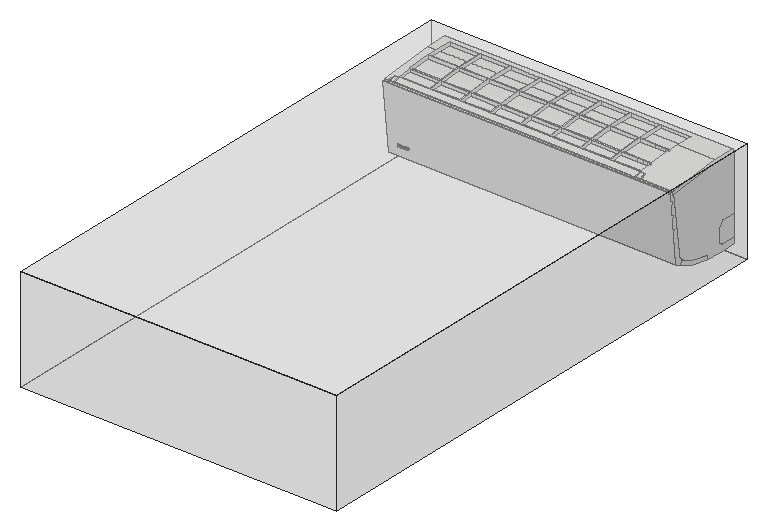
Revit family "outputfile", category 機械設備, Revit 2024
Family settings
  丸型コネクタ寸法 = 半径を使用
  パーツ タイプ = 標準
  OmniClass 番号 = 23.75.10.24.21.27.27
  OmniClass タイトル = Split System Air Conditioning Units
  作業面ベース = いいえ
  常に垂直 = はい
  ロード時にボイドで切り取り = いいえ
  注釈の向きを維持 = いいえ
  共有 = いいえ
  部屋計算ポイント = いいえ
Parameters (values of type "FTKF71CV1MF")
  Description = ""
  書き出し IFC クラス(タイプ) = "IfcUnitaryEquipmentType"
  定義済み IFC タイプ(タイプ) = "AIRCONDITIONINGUNIT"
  Cost = 0
  Type Comments = ""
  Keynote = ""
  Type Image = (empty or 0)
  Assembly Code = ""
  switch_frequency = yes
  lw_connection [instance] = if(Width = 730.0 mm, 85.0 mm, if(Width = 770.0 mm, 48.0 mm, 60.0 mm))  # 60.0 mm
  製造元 = "Daikin"
  モデル = "FTKF71CV1MF"
  r_Liquid Pipe Size = Liquid Pipe Size / 2  # 3.2 mm
  r_Gas Pipe Size = Gas Pipe Size / 2  # 6.35 mm
  r_Drain Pipe Size = Drain Pipe Size / 2  # 9.55 mm
  lw_powersupply [instance] = if(Width = 730.0 mm, if(or(Rear Right Connection_refrigerant, Bottom Right Connection_refrigerant), 65.0 mm, if(or(Rear Left Connection_refrigerant, Bottom Left Connection_refrigerant), 695.0 mm, 400.0 mm)), if(Width = 770.0 mm, if(or(Rear Right Connection_refrigerant, Bottom Right Connection_refrigerant), 68.0 mm, if(or(Rear Left Connection_refrigerant, Bottom Left Connection_refrigerant), 705.0 mm, 400.0 mm)), if(or(Rear Right Connection_refrigerant, Bottom Right Connection_refrigerant), 83.0 mm, if(or(Rear Left Connection_refrigerant, Bottom Left Connection_refrigerant), 928.0 mm, 400.0 mm))))  # 400.0 mm
  lw_liquidpipe [instance] = if(Width = 730.0 mm, if(or(Rear Right Connection_refrigerant, Bottom Right Connection_refrigerant), 0.0 mm, if(or(Rear Left Connection_refrigerant, Bottom Left Connection_refrigerant), 582.0 mm, 473.0 mm)), if(Width = 770.0 mm, if(or(Rear Right Connection_refrigerant, Bottom Right Connection_refrigerant), 0.0 mm, if(or(Rear Left Connection_refrigerant, Bottom Left Connection_refrigerant), 682.0 mm, 385.0 mm)), if(or(Rear Right Connection_refrigerant, Bottom Right Connection_refrigerant), 10.0 mm, if(or(Rear Left Connection_refrigerant, Bottom Left Connection_refrigerant), 858.0 mm, 435.0 mm))))  # 435.0 mm
  lw_gaspipe [instance] = if(Width = 730.0 mm, if(or(Rear Right Connection_refrigerant, Bottom Right Connection_refrigerant), 0.0 mm, if(or(Rear Left Connection_refrigerant, Bottom Left Connection_refrigerant), 576.0 mm, 428.0 mm)), if(Width = 770.0 mm, if(or(Rear Right Connection_refrigerant, Bottom Right Connection_refrigerant), 0.0 mm, if(or(Rear Left Connection_refrigerant, Bottom Left Connection_refrigerant), 675.0 mm, 335.0 mm)), if(or(Rear Right Connection_refrigerant, Bottom Right Connection_refrigerant), 0.0 mm, if(or(Rear Left Connection_refrigerant, Bottom Left Connection_refrigerant), 851.0 mm, 400.0 mm))))  # 400.0 mm
  lw_drainpipe [instance] = if(Width = 730.0 mm, if(or(Rear Right Connection_refrigerant, Bottom Right Connection_refrigerant), 0.0 mm, if(or(Rear Left Connection_refrigerant, Bottom Left Connection_refrigerant), 590.0 mm, 488.0 mm)), if(Width = 770.0 mm, if(or(Rear Right Connection_refrigerant, Bottom Right Connection_refrigerant), 0.0 mm, if(or(Rear Left Connection_refrigerant, Bottom Left Connection_refrigerant), 695.0 mm, 440.0 mm)), if(or(Rear Right Connection_refrigerant, Bottom Right Connection_refrigerant), 0.0 mm, if(or(Rear Left Connection_refrigerant, Bottom Left Connection_refrigerant), 888.0 mm, 475.0 mm))))  # 475.0 mm
  l_powersupply_length [instance] = if(Width = 730.0 mm, if(Right Connection_refrigerant, 400.0 mm, if(Left Connection_refrigerant, 330.0 mm, if(or(Bottom Left Connection_refrigerant, Bottom Right Connection_refrigerant), 57.0 mm, if(or(Rear Left Connection_refrigerant, Rear Right Connection_refrigerant), 15.0 mm, 50.0 mm)))), if(Width = 770.0 mm, if(Right Connection_refrigerant, 400.0 mm, if(Left Connection_refrigerant, 370.0 mm, if(or(Bottom Left Connection_refrigerant, Bottom Right Connection_refrigerant), 57.0 mm, if(or(Rear Left Connection_refrigerant, Rear Right Connection_refrigerant), 15.0 mm, 50.0 mm)))), if(Right Connection_refrigerant, 400.0 mm, if(Left Connection_refrigerant, 590.0 mm, if(or(Bottom Left Connection_refrigerant, Bottom Right Connection_refrigerant), 57.0 mm, if(or(Rear Left Connection_refrigerant, Rear Right Connection_refrigerant), 15.0 mm, 50.0 mm))))))  # 400.0 mm
  l_liquidpipe_length [instance] = if(Width = 730.0 mm, if(Right Connection_refrigerant, 558.0 mm, if(Left Connection_refrigerant, 172.0 mm, if(or(Bottom Left Connection_refrigerant, Bottom Right Connection_refrigerant), 48.0 mm, if(or(Rear Left Connection_refrigerant, Rear Right Connection_refrigerant), 30.0 mm, 40.0 mm)))), if(Width = 770.0 mm, if(Right Connection_refrigerant, 433.0 mm, if(Left Connection_refrigerant, 337.0 mm, if(or(Bottom Left Connection_refrigerant, Bottom Right Connection_refrigerant), 48.0 mm, if(or(Rear Left Connection_refrigerant, Rear Right Connection_refrigerant), 30.0 mm, 40.0 mm)))), if(Right Connection_refrigerant, 495.0 mm, if(Left Connection_refrigerant, 495.0 mm, if(or(Bottom Left Connection_refrigerant, Bottom Right Connection_refrigerant), 48.0 mm, if(or(Rear Left Connection_refrigerant, Rear Right Connection_refrigerant), 30.0 mm, 40.0 mm))))))  # 495.0 mm
  l_gaspipe_length [instance] = if(Width = 730.0 mm, if(Right Connection_refrigerant, 513.0 mm, if(Left Connection_refrigerant, 217.0 mm, if(or(Bottom Left Connection_refrigerant, Bottom Right Connection_refrigerant), 57.0 mm, if(or(Rear Left Connection_refrigerant, Rear Right Connection_refrigerant), 40.0 mm, 50.0 mm)))), if(Width = 770.0 mm, if(Right Connection_refrigerant, 383.0 mm, if(Left Connection_refrigerant, 387.0 mm, if(or(Bottom Left Connection_refrigerant, Bottom Right Connection_refrigerant), 57.0 mm, if(or(Rear Left Connection_refrigerant, Rear Right Connection_refrigerant), 40.0 mm, 50.0 mm)))), if(Right Connection_refrigerant, 460.0 mm, if(Left Connection_refrigerant, 530.0 mm, if(or(Bottom Left Connection_refrigerant, Bottom Right Connection_refrigerant), 57.0 mm, if(or(Rear Left Connection_refrigerant, Rear Right Connection_refrigerant), 40.0 mm, 50.0 mm))))))  # 460.0 mm
  l_drainpipe_length [instance] = if(Width = 730.0 mm, if(Right Connection_refrigerant, 573.0 mm, if(Left Connection_refrigerant, 157.0 mm, if(or(Bottom Left Connection_refrigerant, Bottom Right Connection_refrigerant), 35.0 mm, if(or(Rear Left Connection_refrigerant, Rear Right Connection_refrigerant), 15.0 mm, 20.0 mm)))), if(Width = 770.0 mm, if(Right Connection_refrigerant, 488.0 mm, if(Left Connection_refrigerant, 282.0 mm, if(or(Bottom Left Connection_refrigerant, Bottom Right Connection_refrigerant), 35.0 mm, if(or(Rear Left Connection_refrigerant, Rear Right Connection_refrigerant), 15.0 mm, 20.0 mm)))), if(Right Connection_refrigerant, 535.0 mm, if(Left Connection_refrigerant, 455.0 mm, if(or(Bottom Left Connection_refrigerant, Bottom Right Connection_refrigerant), 35.0 mm, if(or(Rear Left Connection_refrigerant, Rear Right Connection_refrigerant), 15.0 mm, 20.0 mm))))))  # 535.0 mm
  h*** = 0.0 mm  # constant formula
  connector_voltage = Voltage_50Hz  # 230 V
  connector_powerinput = [Power Input (Cooling)]  # 1.965 kW
  connector_phase = Phase_50Hz  # 1
  angle_vertical [instance] = if(or(Bottom Left Connection_refrigerant, Bottom Right Connection_refrigerant), 0.00°, 90.00°)  # 90.00°
  angle_horizontal [instance] = if(Right Connection_refrigerant, 90.00°, if(Left Connection_refrigerant, -90.00°, if(or(Rear Left Connection_refrigerant, Rear Right Connection_refrigerant), 180.00°, 0.00°)))  # 90.00°
  Width = 990.0 mm
  Voltage_comment_50Hz = "220 - 240"
  Voltage_50Hz = 230 V
  Version = "ver.1.0"
  Unit Type = "Wall Mounted"
  Unit Mass Weight = 13.00 kg
  Unit Designation [instance] = ""
  Uniclass2015Version = "Products v1.30"
  Uniclass2015Title = "Split coil room air conditioning units"
  Uniclass2015Code = "Pr_70_65_03_86"
  URL = ""
  Total Cooling Capacity [instance] = 0.000 kW
  Sound Pressure Level_M speed (dBA) = 41
  Sound Pressure Level_L speed (dBA) = 36
  Sound Pressure Level_H speed (dBA) = 43
  Sound Power Level_H speed (dB) = 0
  Series = "Single Split_Fan Coil Unit"
  Sensible Cooling Capacity [instance] = 0.000 kW
  Refrigerant Type = "R32"
  Power Input (Cooling) = 1.965 kW
  Phase_50Hz = 1
  Option Accessory 3 [instance] = ""
  Option Accessory 2 [instance] = ""
  Option Accessory 1 [instance] = ""
  Nominal Cooling Capacity = 7.030 kW
  Minimum Circuit Amps_50Hz = 11.1 A
  Minimum Airflow = 816.00 m³/h
  Median Airflow = 951.00 m³/h
  Maximum Fuse Amps_50Hz = 20.0 A
  Maximum Airflow = 1090.00 m³/h
  Material_Casing = DAIKIN_White_Casing_indoorunit
  Load Classification = HVAC
  Liquid Pipe Size = 6.4 mm
  Link_Nested Family [instance] = ""
  IfcVersion = ""
  IfcExportType = "AIRCONDITIONINGUNIT"
  IfcExportAs = "IfcUnitaryEquipmentType"
  Height = 297.0 mm
  Heat Exchanger Type = "Cross Fin Coil"
  Gas Pipe Size = 12.7 mm
  Frequency_50Hz = 50 Hz
  Fan Type = "Cross Flow Fan"
  Fan Drive = "Direct Drive"
  FCU Tag No. [instance] = ""
  Drain Pipe Size = 19.1 mm
  Design Supply Airflow [instance] = 0.00 m³/h
  Depth = 273.0 mm
  既定の高さ = 0.0 mm
  Cooling Entering Wet Bulb Temperature [instance] = 0.00 °C
  Cooling Entering Dry Bulb Temperature [instance] = 0.00 °C
  Cooling Ambient Wet Bulb Temperature [instance] = 0.00 °C
  Cooling Ambient Dry Bulb Temperature [instance] = 0.00 °C
  Clearance visibility [instance] = yes
  Clearance Top = 30.0 mm
  Clearance Right = 50.0 mm
  Clearance Rear = 0.0 mm
  Clearance Left = 50.0 mm
  Clearance Front = 1500.0 mm
  Clearance Bottom = 30.0 mm
  Bottom Right Connection_refrigerant [instance] = no
  Bottom Left Connection_refrigerant [instance] = no
  Rear Right Connection_refrigerant [instance] = no
  Rear Left Connection_refrigerant [instance] = no
  Right Connection_refrigerant [instance] = yes
  Left Connection_refrigerant [instance] = no
Reference planes
  plane 1 "Back": y = 0
  plane 2: z = 0
  plane 3 "Center (Left/Right)": x = 0
  plane 4 "Center (Front/Back)": y = -136.5
  plane 5 "Front": y = -273
  plane 6 "Left": x = -495
  plane 7 "Right": x = 495
  plane 8 "Top": z = 0
  plane 9 "Bottom": z = -297
  plane 10 "Front panel_Left": x = -493
  plane 11 "Front panel_Right": x = 493
  plane 12: x = 359
  plane 13: x = 354
  plane 14: x = -545
  plane 15: x = 545
  plane 16: y = 0
  plane 17: y = -1773
  plane 18: z = 30
  plane 19: z = -327
  plane 20 "lw_Piping and Wiring intake": x = 435
  plane 21 "lw_gaspipe": x = 35
  plane 22 "lw_liquidpipe": x = 0
  plane 23 "lw_drainpipe": x = -40
  plane 24 "lh_drainpipe": z = -262
  plane 25 "lh_liquidpipe": z = -249
  plane 26 "lh_gaspipe": z = -240
  plane 27 "ld_drainpipe": y = -15
  plane 28 "ld_liquidpipe": y = -30
  plane 29 "ld_gaspipe": y = -40
  plane 30 "lw_powersupply": x = 95
Dimensions and locks
  equal spacing: plane 6 "Left", plane 3 "Center (Left/Right)", plane 7 "Right"
  "Width": plane 6 "Left" to plane 7 "Right"
  equal spacing: plane 5 "Front", plane 4 "Center (Front/Back)", plane 1 "Back"
  "Depth": plane 5 "Front" to plane 1 "Back"
  "Height": plane 8 "Top" to plane 9 "Bottom"
  locked: plane 10 "Front panel_Left" to plane 6 "Left" at 2
  locked: plane 7 "Right" to plane 11 "Front panel_Right" at 2
  locked: plane 7 "Right" to plane 12 at 136
  locked: plane 12 to plane 13 at 5
  "Clearance Rear": plane 16 to plane 1 "Back"
  "Clearance Front": plane 17 to plane 5 "Front"
  "Clearance Top": plane 18 to plane 8 "Top"
  "Clearance Bottom": plane 9 "Bottom" to plane 19
  "lw_connection": plane 20 "lw_Piping and Wiring intake" to plane 7 "Right"
  "lw_gaspipe": plane 21 "lw_gaspipe" to plane 20 "lw_Piping and Wiring intake"
  "lw_liquidpipe": plane 22 "lw_liquidpipe" to plane 20 "lw_Piping and Wiring intake"
  "lw_drainpipe": plane 23 "lw_drainpipe" to plane 20 "lw_Piping and Wiring intake"
  locked: plane 24 "lh_drainpipe" to plane 9 "Bottom" at 35
  locked: plane 25 "lh_liquidpipe" to plane 9 "Bottom" at 48
  locked: plane 26 "lh_gaspipe" to plane 9 "Bottom" at 57
  locked: plane 27 "ld_drainpipe" to plane 1 "Back" at 15
  locked: plane 1 "Back" to plane 28 "ld_liquidpipe" at 30
  locked: plane 1 "Back" to plane 29 "ld_gaspipe" at 40
  "lw_powersupply": plane 30 "lw_powersupply" to plane 7 "Right"
  "Clearance Left": plane 14 to plane 6 "Left"
  "Clearance Right": plane 7 "Right" to plane 15
  aligned and locked: level to plane 2
  aligned and locked: plane 19 to nested 1
  aligned and locked: plane 18 to nested 1
  aligned and locked: plane 21 "lw_gaspipe" to nested 2
  aligned and locked: nested 2 to plane 29 "ld_gaspipe"
  aligned and locked: plane 22 "lw_liquidpipe" to nested 3
  aligned and locked: nested 3 to plane 28 "ld_liquidpipe"
  aligned and locked: plane 23 "lw_drainpipe" to nested 4
  aligned and locked: nested 4 to plane 27 "ld_drainpipe"
  aligned and locked: nested 5 to plane 27 "ld_drainpipe"
  aligned and locked: plane 30 "lw_powersupply" to nested 5
  aligned and locked: level to plane 8 "Top"
  aligned and locked: nested 1 to plane 14
  aligned and locked: nested 1 to plane 15
  aligned and locked: plane 16 to nested 1
  aligned and locked: nested 1 to plane 17
Nested families
  nested 1: "daikin_clearancespace" at (0, -886.5, -148.381), show <- "Clearance visibility", visible <- "Clearance visibility", Link_Nested Family <- "Link_Nested Family", type "daikin_clearancespace"
    with width 1090.0 mm, show yes, height 357.0 mm, depth 1773.0 mm, Link_Nested Family ""
  nested 2: "daikin_connector_rotate3" at (35, -40, -240), angle_vertical <- "angle_vertical", angle_horizontal <- "angle_horizontal", length <- "l_gaspipe_length", radius <- "r_Gas Pipe Size", type "daikin_connector_rotate3"
    with show no, radius 6.35 mm, length 460.0 mm, angle_vertical 90.00°, angle_horizontal 90.00°
  nested 3: "daikin_connector_rotate3" at (0, -30, -249), angle_vertical <- "angle_vertical", angle_horizontal <- "angle_horizontal", radius <- "r_Liquid Pipe Size", length <- "l_liquidpipe_length", type "daikin_connector_rotate3"
    with show no, radius 3.2 mm, length 495.0 mm, angle_vertical 90.00°, angle_horizontal 90.00°
  nested 4: "daikin_connector_rotate3" at (-40, -15, -262), angle_vertical <- "angle_vertical", angle_horizontal <- "angle_horizontal", length <- "l_drainpipe_length", radius <- "r_Drain Pipe Size", type "daikin_connector_rotate3"
    with show no, radius 9.55 mm, length 535.0 mm, angle_vertical 90.00°, angle_horizontal 90.00°
  nested 5: "daikin_connector_rotate3" at (95, -15, -240), angle_vertical <- "angle_vertical", angle_horizontal <- "angle_horizontal", length <- "l_powersupply_length", type "daikin_connector_rotate3"
    with show no, radius 10.0 mm, length 400.0 mm, angle_vertical 90.00°, angle_horizontal 90.00°
  nested 6: "DAIKIN_indoorunit_FTKF-CV1MF" at (-31, 0, 0), type "FTKF-CV1MF"
    with switch_unit1_60-71 yes, switch_unit1_20-25 no, Width 990.0 mm, WALL HOLE-R 48.0 mm, Height 297.0 mm
Connectors
  piping at (495, -40, -240), diameter 12.7, driven by "r_Gas Pipe Size"
    settings: on nested 2, index 1, connector inside diameter 609.6 mm, connector length 0.0 mm, flow factor 0, pipe flow 0.00 m³/h, pressure drop 0.0 Pa, fitting loss kfactor 0, connector angle 0.00°, fixture units 0, engagement length 0.0 mm, angle of deflection 0.00°, flow configuration 1, flow direction 2, fitting loss method 0, system type 29, joint type 0, gender type 0, connector reference index -1, connector utility 0, adjustable connector no, is connector primary yes, connector description "Refrigerant Gas Piping"
  piping at (495, -30, -249), diameter 6.4, driven by "r_Liquid Pipe Size"
    settings: on nested 3, index 2, connector inside diameter 609.6 mm, connector length 0.0 mm, flow factor 0, pipe flow 0.00 m³/h, pressure drop 0.0 Pa, fitting loss kfactor 0, connector angle 0.00°, fixture units 0, engagement length 0.0 mm, angle of deflection 0.00°, flow configuration 1, flow direction 1, fitting loss method 0, system type 29, joint type 0, gender type 0, connector reference index -1, connector utility 0, adjustable connector no, is connector primary no, connector description "Refrigerant Liquid Piping"
  piping at (495, -15, -262), diameter 19.1, driven by "r_Drain Pipe Size"
    settings: on nested 4, index 3, connector inside diameter 609.6 mm, connector length 0.0 mm, flow factor 0, pipe flow 0.00 m³/h, pressure drop 0.0 Pa, fitting loss kfactor 0, connector angle 0.00°, fixture units 0, engagement length 0.0 mm, angle of deflection 0.00°, flow configuration 1, flow direction 2, fitting loss method 4, system type 16, joint type 0, gender type 0, connector reference index -1, connector utility 0, adjustable connector no, is connector primary no, connector description "Condensate Drain Piping"
  electrical at (495, -15, -240), driven by "Load Classification", driven by "connector_powerinput", driven by "connector_phase", driven by "connector_voltage"
    settings: on nested 5, index 4, voltage 230 V, apparent load 1965 VA, apparent load phase1 0 VA, apparent load phase2 0 VA, apparent load phase3 0 VA, power factor 1, load classification "HVAC", number of poles 1, system type 30, power factor state 1, is connector primary yes, connector utility no, sub classification motor no, connector description "Power Supply"
Definition of nested family "daikin_clearancespace"
  Parameters (values of type "daikin_clearancespace")
    Description = "daikin_clearancespace"
    width [instance] = 1823.963 mm
    show [instance] = yes
    material = none
    height [instance] = 1359.762 mm
    depth [instance] = 880.0 mm
    Default Elevation = 0.0 mm
    Link_Nested Family [instance] = ""
  Reference planes
    plane 1 "Center (Front/Back)": y = 0
    plane 2 "Center (Elevation)": z = -0.119
    plane 3 "Center (Left/Right)": x = 0
    plane 4: y = 440
    plane 5: y = -440
    plane 6 "Right": x = 911.982
    plane 7 "Left": x = -911.982
    plane 8 "Top": z = 679.762
    plane 9 "Bottom": z = -680
  Forms (mm)
    Extrusion 1, solid, material <- "material", visible <- "show"
      sketch origin (0, 0, 0) x (1, 0, 0) y (0, 1, 0)
        loop
          line (-911.982, 440) -> (-911.982, -440) -> (911.982, -440) -> (911.982, 440) -> (-911.982, 440)
      from -680 to 679.762
  Lines and regions (mm)
    symbolic lines, visible <- "show"
      curve 1: line (911.982, 440, 0) -> (-911.982, 440, 0)
      curve 2: line (-911.982, 440, 0) -> (-911.982, -440, 0)
      curve 3: line (-911.982, -440, 0) -> (911.982, -440, 0)
      curve 4: line (911.982, -440, 0) -> (911.982, 440, 0)
      curve 5: line (911.982, 0, 679.762) -> (-911.982, 0, 679.762)
      curve 6: line (911.982, 0, -680) -> (911.982, 0, 679.762)
      curve 7: line (-911.982, 0, -680) -> (911.982, 0, -680)
      curve 8: line (-911.982, 0, 679.762) -> (-911.982, 0, -680)
      curve 9: line (0, 440, 679.762) -> (0, -440, 679.762)
      curve 10: line (0, -440, 679.762) -> (0, -440, -680)
      curve 11: line (0, 440, -680) -> (0, 440, 679.762)
      curve 12: line (0, -440, -680) -> (0, 440, -680)
  Dimensions and locks
    "width": plane 7 "Left" to plane 6 "Right"
    "depth": plane 4 to plane 5
    "height": plane 8 "Top" to plane 9 "Bottom"
    equal spacing: plane 7 "Left", plane 3 "Center (Left/Right)", plane 6 "Right"
    equal spacing: plane 4, plane 1 "Center (Front/Back)", plane 5
    equal spacing: plane 8 "Top", plane 2 "Center (Elevation)", plane 9 "Bottom"
    aligned and locked: level to plane 2 "Center (Elevation)"
    aligned and locked: Extrusion 1 sketch curve to plane 4
    aligned and locked: plane 7 "Left" to Extrusion 1 sketch curve
    aligned and locked: Extrusion 1 sketch curve to plane 5
    aligned and locked: Extrusion 1 sketch curve to plane 6 "Right"
    aligned and locked: plane 8 "Top" to Extrusion 1
    aligned and locked: curve 1 to Extrusion 1
    aligned and locked: curve 2 to Extrusion 1
    aligned and locked: curve 3 to Extrusion 1
    aligned and locked: curve 4 to Extrusion 1
    aligned and locked: curve 5 to Extrusion 1
    aligned and locked: curve 6 to Extrusion 1
    aligned and locked: curve 7 to Extrusion 1
    aligned and locked: curve 8 to Extrusion 1
    aligned and locked: curve 9 to Extrusion 1
    aligned and locked: curve 10 to Extrusion 1
    aligned and locked: curve 11 to Extrusion 1
    aligned and locked: curve 12 to Extrusion 1
    aligned and locked: Extrusion 1 to plane 9 "Bottom"
Definition of nested family "DAIKIN_indoorunit_FTKF-CV1MF"
  Parameters (values of type "FTKF-CV1MF")
    switch_unit1_60-71 = Width = 990.0 mm  # no
    switch_unit1_35-50 = Width = 770.0 mm  # no
    switch_unit1_20-25 = Width = 730.0 mm  # yes
    Width = 730.0 mm
    WALL HOLE-R = if(Width = 730.0 mm, 79.0 mm, 48.0 mm)  # 79.0 mm
    Material_Casing = none
    Height = if(Width = 730.0 mm, 280.0 mm, if(Width = 770.0 mm, 288.0 mm, 297.0 mm))  # 280.0 mm
    Default Elevation = 0.0 mm
  Reference planes
    plane 1 "Center (Front/Back)": y = 0
    plane 2 "reference_level": z = 0
    plane 3 "Center (Left/Right)": x = 31
    plane 4: x = -334
    plane 5: x = 396
    plane 6: z = -280
  Forms (mm)
    Extrusion 1, solid, material <- "Material_Casing", visible <- "switch_unit1_20-25"
      sketch origin (31, 0, 0) x (0, 1, 0) y (0, 0, 1)
        loop
          line (-109.519, -8) -> (-2.596, -8) -> (-8.198, 0) -> (-109.608, 0)
          arc (-109.608, 0) -> (-157.226, -5.2) -> (-202.599, -20.555) r 220.623
          line (-202.599, -20.555) -> (-202.447, -29.25)
          arc (-202.447, -29.25) -> (-157.182, -13.38) -> (-109.519, -8) r 213.82
      from -365 to 365
    Extrusion 2, solid, material <- "Material_Casing", visible <- "switch_unit1_20-25"
      sketch origin (416, 1304.033, 1200.206) x (0, 1, 0) y (0, 0, 1)
        loop
          arc (-1496.513, -1423.164) -> (-1487.225, -1434.204) -> (-1476.373, -1443.711) r 95
          arc (-1476.373, -1443.711) -> (-1448.371, -1461.92) -> (-1418.191, -1476.232) r 250
          line (-1418.191, -1476.232) -> (-1418.191, -1465.318)
          arc (-1418.191, -1465.318) -> (-1445.052, -1452.134) -> (-1470.063, -1435.711) r 240
          arc (-1470.063, -1435.711) -> (-1477.766, -1429.186) -> (-1484.641, -1421.794) r 85
          line (-1484.641, -1421.794) -> (-1496.513, -1423.164)
      from -20 to -177
    Extrusion 3, solid, material <- "Material_Casing", visible <- "switch_unit1_20-25"
      sketch origin (31, 0, 0) x (0, 1, 0) y (0, 0, 1)
        loop
          line (-202.769, -10.816) -> (-211.618, -13.692)
          arc (-211.618, -13.692) -> (-212.628, -14.432) -> (-213, -15.629) r 2
          line (-213, -15.629) -> (-210.348, -167.5)
          arc (-210.348, -167.5) -> (-206.029, -195.818) -> (-193.465, -221.562) r 95
          line (-193.465, -221.562) -> (-181.653, -220.199)
          arc (-181.653, -220.199) -> (-195.31, -195.356) -> (-200.037, -167.403) r 85
          line (-200.037, -167.403) -> (-202.769, -10.816)
      from -365 to 365
    Extrusion 4, solid, material <- "Material_Casing", visible <- "switch_unit1_20-25"
      sketch origin (31, 0, 0) x (0, 1, 0) y (0, 0, 1)
        loop
          line (0, -280) -> (0, -11.707) -> (-2.596, -8) -> (-109.519, -8)
          arc (-109.519, -8) -> (-156.378, -13.198) -> (-200.959, -28.539) r 213.82
          line (-200.959, -28.539) -> (-198.537, -167.295)
          arc (-198.537, -167.295) -> (-189.766, -204.754) -> (-165.131, -234.305) r 83.5
          arc (-165.131, -234.305) -> (-139.841, -250.873) -> (-112.659, -264.109) r 238.5
          line (-112.659, -264.109) -> (-112.659, -276.338)
          arc (-112.659, -276.338) -> (-100.834, -279.079) -> (-88.731, -280) r 80
          line (-88.731, -280) -> (0, -280)
      from -365 to 365
    Extrusion 5, solid, material <- "Material_Casing", visible <- "switch_unit1_20-25"
      sketch origin (-354, 1304.033, 1200.206) x (0, 1, 0) y (0, 0, 1)
        loop
          arc (-1496.513, -1423.164) -> (-1487.225, -1434.204) -> (-1476.373, -1443.711) r 95
          arc (-1476.373, -1443.711) -> (-1448.371, -1461.92) -> (-1418.191, -1476.232) r 250
          line (-1418.191, -1476.232) -> (-1418.191, -1465.318)
          arc (-1418.191, -1465.318) -> (-1445.052, -1452.134) -> (-1470.063, -1435.711) r 240
          arc (-1470.063, -1435.711) -> (-1477.766, -1429.186) -> (-1484.641, -1421.794) r 85
          line (-1484.641, -1421.794) -> (-1496.513, -1423.164)
      from 72 to 20
    Extrusion 6, solid, material <- "Material_Casing", visible <- "switch_unit1_20-25"
      sketch origin (31, 7.782, 0.206) x (0, 1, 0) y (0, 0, 1)
        loop
          line (-188.39, -221.794) -> (-200.262, -223.164)
          arc (-200.262, -223.164) -> (-190.975, -234.204) -> (-180.122, -243.711) r 95
          arc (-180.122, -243.711) -> (-152.12, -261.92) -> (-121.941, -276.232) r 250
          line (-121.941, -276.232) -> (-121.941, -265.318)
          arc (-121.941, -265.318) -> (-148.801, -252.134) -> (-173.813, -235.711) r 240
          arc (-173.813, -235.711) -> (-181.515, -229.186) -> (-188.39, -221.794) r 85
      from 204 to -309
    Extrusion 7, void
      sketch origin (31, 0, -235) x (1, 0, 0) y (0, 1, 0)
        loop
          line (-324.633, -72.419) -> (-304, -73.5) -> (-234.9, -73.5) -> (-234.9, -24.5) -> (-324.633, -24.5) -> (-324.633, -72.419)
        loop
          line (-304, -74.9) -> (-324.633, -75.939) -> (-324.633, -139.819) -> (-304, -140.9) -> (-234.9, -140.9) -> (-234.9, -74.9) -> (-304, -74.9)
        loop
          line (-304, -142.3) -> (-324.633, -143.326) -> (-324.633, -182.209) -> (-300, -183.5) -> (-234.9, -183.5) -> (-234.9, -142.3) -> (-304, -142.3)
        loop
          line (-233.5, -142.3) -> (-233.5, -183.5) -> (-146.9, -183.5) -> (-146.9, -142.3) -> (-233.5, -142.3)
        loop
          line (-233.5, -140.9) -> (-146.9, -140.9) -> (-146.9, -74.9) -> (-233.5, -74.9) -> (-233.5, -140.9)
        loop
          line (-233.5, -73.5) -> (-146.9, -73.5) -> (-146.9, -24.5) -> (-233.5, -24.5) -> (-233.5, -73.5)
        loop
          line (-145.5, -73.5) -> (-74.9, -73.5) -> (-54.9, -72.452) -> (-54.9, -24.5) -> (-145.5, -24.5) -> (-145.5, -73.5)
        loop
          line (-145.5, -74.9) -> (-145.5, -140.9) -> (-74.9, -140.9) -> (-54.9, -139.852) -> (-54.9, -75.948) -> (-74.9, -74.9) -> (-145.5, -74.9)
        loop
          line (-145.5, -142.3) -> (-145.5, -183.5) -> (-74.9, -183.5) -> (-54.9, -182.452) -> (-54.9, -143.348) -> (-74.9, -142.3) -> (-145.5, -142.3)
        loop
          line (-53.5, -24.5) -> (-53.5, -72.452) -> (-33.5, -73.5) -> (36.5, -73.5) -> (36.5, -24.5) -> (-53.5, -24.5)
        loop
          line (-53.5, -75.948) -> (-53.5, -139.852) -> (-33.5, -140.9) -> (36.5, -140.9) -> (36.5, -74.9) -> (-33.5, -74.9) -> (-53.5, -75.948)
        loop
          line (-33.5, -142.3) -> (-53.5, -143.348) -> (-53.5, -182.452) -> (-33.5, -183.5) -> (36.5, -183.5) -> (36.5, -142.3) -> (-33.5, -142.3)
        loop
          line (37.9, -24.5) -> (37.9, -73.5) -> (124.9, -73.5) -> (124.9, -24.5) -> (37.9, -24.5)
        loop
          line (37.9, -74.9) -> (37.9, -140.9) -> (124.9, -140.9) -> (124.9, -74.9) -> (37.9, -74.9)
        loop
          line (37.9, -142.3) -> (37.9, -183.5) -> (124.9, -183.5) -> (124.9, -142.3) -> (37.9, -142.3)
        loop
          line (126.3, -24.5) -> (126.3, -73.5) -> (195.6, -73.5) -> (216, -72.431) -> (216, -24.5) -> (126.3, -24.5)
        loop
          line (126.3, -74.9) -> (126.3, -140.9) -> (198.5, -140.9) -> (216, -139.983) -> (216, -75.817) -> (198.5, -74.9) -> (126.3, -74.9)
        loop
          line (126.3, -142.3) -> (126.3, -183.5) -> (198.337, -183.5) -> (216, -182.623) -> (216, -143.217) -> (198.5, -142.3) -> (126.3, -142.3)
      from 201.638 to 250
    Extrusion 8, solid, material <- "Material_Casing"
      sketch origin (31, 0, 0) x (1, 0, 0) y (0, 0, 1)
        loop
          circle (286, -235) r 40
        loop
          circle (-317, -235) r 40
      from 0 to 5
    Extrusion 9, solid, material <- "Material_Casing", visible <- "switch_unit1_20-25"
      sketch origin (396, 1296.25, 1200) x (0, -1, 0) y (0, 0, 1)
        loop
          line (1326.25, -1413) -> (1296.25, -1413) -> (1296.25, -1473) -> (1326.25, -1473)
          arc (1326.25, -1473) -> (1340.393, -1467.142) -> (1346.25, -1453) r 20
          line (1346.25, -1453) -> (1346.25, -1433)
          arc (1346.25, -1433) -> (1340.393, -1418.858) -> (1326.25, -1413) r 20
      from 0 to 5
    Extrusion 10, solid, material <- "Material_Casing", visible <- "switch_unit1_20-25"
      sketch origin (-334, 1296.25, 1200) x (0, 1, 0) y (0, 0, 1)
        loop
          line (-1296.25, -1413) -> (-1326.25, -1413)
          arc (-1326.25, -1413) -> (-1340.393, -1418.858) -> (-1346.25, -1433) r 20
          line (-1346.25, -1433) -> (-1346.25, -1453)
          arc (-1346.25, -1453) -> (-1340.393, -1467.142) -> (-1326.25, -1473) r 20
          line (-1326.25, -1473) -> (-1296.25, -1473) -> (-1296.25, -1413)
      from 0 to 5
    Extrusion 11, solid, material <- "Material_Casing", visible <- "switch_unit1_20-25"
      sketch origin (11, 0, -285) x (-1, 0, 0) y (0, -1, 0)
        loop
          line (-279, 0) -> (-279, 30)
          arc (-279, 30) -> (-284.419, 43.081) -> (-297.5, 48.5) r 18.5
          line (-297.5, 48.5) -> (-320.5, 48.5)
          arc (-320.5, 48.5) -> (-333.581, 43.081) -> (-339, 30) r 18.5
          line (-339, 30) -> (-339, 0) -> (-279, 0)
        loop
          line (326, 0) -> (326, 30)
          arc (326, 30) -> (320.581, 43.081) -> (307.5, 48.5) r 18.5
          line (307.5, 48.5) -> (284.5, 48.5)
          arc (284.5, 48.5) -> (271.419, 43.081) -> (266, 30) r 18.5
          line (266, 30) -> (266, 0) -> (326, 0)
      from 10 to 5
    Extrusion 12, solid, material <- "Material_Casing", visible <- "switch_unit1_35-50"
      sketch origin (31, 0, 0) x (0, 1, 0) y (0, 0, 1)
        loop
          line (-5, 0) -> (-45.84, 0)
          arc (-45.84, 0) -> (-135.906, -3.965) -> (-225.275, -15.831) r 1024.823
          arc (-225.275, -15.831) -> (-224.639, -21.302) -> (-223.878, -26.758) r 241.564
          arc (-223.878, -26.758) -> (-135.207, -14.947) -> (-45.84, -11) r 1013.66
          line (-45.84, -11) -> (0, -11) -> (0, -9.02) -> (-5, 0)
      from -385 to 385
    Extrusion 13, solid, material <- "Material_Casing", visible <- "switch_unit1_35-50"
      sketch origin (31, 0, 0) x (0, 1, 0) y (0, 0, 1)
        loop
          arc (-226.673, -12.416) -> (-229.519, -12.929) -> (-232.363, -13.449) r 1025.776
          arc (-232.363, -13.449) -> (-233.586, -14.198) -> (-233.994, -15.573) r 2
          line (-233.994, -15.573) -> (-218.08, -217.408)
          arc (-218.08, -217.408) -> (-211.296, -237.286) -> (-195.807, -251.472) r 42.415
          line (-195.807, -251.472) -> (-186.556, -243.946)
          arc (-186.556, -243.946) -> (-193.981, -235.221) -> (-197.648, -224.366) r 30.386
          line (-197.648, -224.366) -> (-226.673, -12.416)
      from -385 to 385
    Extrusion 14, void
      sketch origin (33, 0, 0) x (1, 0, 0) y (0, 1, 0)
        loop
          line (-357.499, -23.5) -> (-357.499, -96.7) -> (-255.999, -96.7) -> (-255.999, -23.5) -> (-357.499, -23.5)
        loop
          line (-255.999, -99.1) -> (-357.499, -99.1) -> (-357.499, -170.1) -> (-255.999, -170.1) -> (-255.999, -99.1)
        loop
          line (-255.999, -171.7) -> (-357.499, -171.7) -> (-357.499, -201.7) -> (-255.999, -201.7) -> (-255.999, -171.7)
        loop
          line (-253.399, -23.5) -> (-253.399, -96.7) -> (-153.899, -96.7) -> (-153.899, -23.5) -> (-253.399, -23.5)
        loop
          line (-253.399, -99.1) -> (-253.399, -170.1) -> (-153.899, -170.1) -> (-153.899, -99.1) -> (-253.399, -99.1)
        loop
          line (-153.899, -171.7) -> (-253.399, -171.7) -> (-253.399, -201.7) -> (-153.899, -201.7) -> (-153.899, -171.7)
        loop
          line (-56.549, -23.5) -> (-151.299, -23.5) -> (-151.299, -96.7) -> (-56.549, -96.7) -> (-56.549, -23.5)
        loop
          line (-151.299, -99.1) -> (-151.299, -170.1) -> (-56.549, -170.1) -> (-56.549, -99.1) -> (-151.299, -99.1)
        loop
          line (-56.549, -171.7) -> (-151.299, -171.7) -> (-151.299, -201.7) -> (-56.549, -201.7) -> (-56.549, -171.7)
        loop
          line (50.301, -23.5) -> (-44.549, -23.5) -> (-44.549, -96.7) -> (50.301, -96.7) -> (50.301, -23.5)
        loop
          line (-44.549, -99.1) -> (-44.549, -170.1) -> (50.301, -170.1) -> (50.301, -99.1) -> (-44.549, -99.1)
        loop
          line (50.301, -171.7) -> (-44.549, -171.7) -> (-44.549, -201.7) -> (50.301, -201.7) -> (50.301, -171.7)
        loop
          line (52.901, -23.5) -> (52.901, -96.7) -> (152.401, -96.7) -> (152.401, -23.5) -> (52.901, -23.5)
        loop
          line (52.901, -99.1) -> (52.901, -170.1) -> (152.401, -170.1) -> (152.401, -99.1) -> (52.901, -99.1)
        loop
          line (52.901, -171.7) -> (52.901, -201.7) -> (152.401, -201.7) -> (152.401, -171.7) -> (52.901, -171.7)
        loop
          line (155.001, -23.5) -> (155.001, -96.7) -> (256.501, -96.7) -> (256.501, -23.5) -> (155.001, -23.5)
        loop
          line (155.001, -99.1) -> (155.001, -170.1) -> (217.501, -170.1) -> (229.501, -170.1) -> (241.501, -170.1) -> (256.501, -170.1) -> (256.501, -152.1) -> (256.501, -134.1) -> (256.501, -116.1) -> (256.501, -99.1) -> (241.501, -99.1) -> (229.501, -99.1) -> (217.501, -99.1) -> (155.001, -99.1)
        loop
          line (155.001, -171.7) -> (155.001, -201.7) -> (217.501, -201.7) -> (229.501, -201.7) -> (241.501, -201.7) -> (256.501, -201.7) -> (256.501, -171.7) -> (241.501, -171.7) -> (229.501, -171.7) -> (217.501, -171.7) -> (155.001, -171.7)
      from -40.013 to 47.268
    Extrusion 15, solid, material <- "Material_Casing", visible <- "switch_unit1_35-50"
      sketch origin (-356, 1308.25, 1200) x (0, 1, 0) y (0, 0, -1)
        loop
          line (-1407.524, 1473.254) -> (-1407.524, 1484.154)
          arc (-1407.524, 1484.154) -> (-1456.679, 1472.122) -> (-1503.106, 1451.987) r 299.52
          line (-1503.106, 1451.987) -> (-1494.032, 1444.604)
          arc (-1494.032, 1444.604) -> (-1451.915, 1462.363) -> (-1407.524, 1473.254) r 288.723
      from -2 to -49.5
    Extrusion 16, solid, material <- "Material_Casing", visible <- "switch_unit1_35-50"
      sketch origin (418, 1308.25, 1200) x (0, 1, 0) y (0, 0, 1)
        loop
          arc (-1407.524, -1473.254) -> (-1451.915, -1462.363) -> (-1494.032, -1444.604) r 288.723
          line (-1494.032, -1444.604) -> (-1503.106, -1451.987)
          arc (-1503.106, -1451.987) -> (-1456.679, -1472.122) -> (-1407.524, -1484.154) r 299.52
          line (-1407.524, -1484.154) -> (-1407.524, -1473.254)
      from -2 to -119.5
    Extrusion 17, solid, material <- "Material_Casing", visible <- "switch_unit1_35-50"
      sketch origin (418, 1308.25, 1200) x (0, 1, 0) y (0, 0, 1)
        loop
          line (-1407.524, -1484.154) -> (-1407.524, -1473.254)
          arc (-1407.524, -1473.254) -> (-1451.915, -1462.363) -> (-1494.032, -1444.604) r 288.723
          line (-1494.032, -1444.604) -> (-1503.106, -1451.987)
          arc (-1503.106, -1451.987) -> (-1456.679, -1472.122) -> (-1407.524, -1484.154) r 299.52
      from -119.5 to -724.5
    Extrusion 18, solid, material <- "Material_Casing", visible <- "switch_unit1_35-50"
      sketch origin (31, 0, -30) x (0, 1, 0) y (0, 0, 1)
        loop
          arc (-45.84, 19) -> (-135.218, 15.052) -> (-223.901, 3.238) r 1013.66
          line (-223.901, 3.238) -> (-196.855, -194.257)
          arc (-196.855, -194.257) -> (-192.985, -205.344) -> (-185.107, -214.052) r 29.589
          arc (-185.107, -214.052) -> (-142.926, -231.76) -> (-98.473, -242.568) r 288.081
          line (-98.473, -242.568) -> (-98.525, -254.271)
          arc (-98.525, -254.271) -> (-75.337, -257.066) -> (-52, -258) r 292.099
          line (-52, -258) -> (0, -258) -> (0, 19) -> (-45.84, 19)
      from -385 to 385
    Extrusion 19, solid, material <- "Material_Casing", visible <- "switch_unit1_35-50"
      sketch origin (416, 1296.25, 1200) x (0, -1, 0) y (0, 0, 1)
        loop
          line (1329.05, -1409.6) -> (1296.25, -1409.6) -> (1296.25, -1469.6) -> (1329.05, -1469.6)
          arc (1329.05, -1469.6) -> (1342.627, -1463.976) -> (1348.25, -1450.4) r 19.2
          line (1348.25, -1450.4) -> (1348.25, -1428.8)
          arc (1348.25, -1428.8) -> (1342.627, -1415.224) -> (1329.05, -1409.6) r 19.2
      from 0 to 5
    Extrusion 20, solid, material <- "Material_Casing", visible <- "switch_unit1_35-50"
      sketch origin (-349, 1296.25, 1200) x (0, -1, 0) y (0, 0, 1)
        loop
          line (1329.05, -1409.6) -> (1296.25, -1409.6) -> (1296.25, -1469.6) -> (1329.05, -1469.6)
          arc (1329.05, -1469.6) -> (1342.627, -1463.976) -> (1348.25, -1450.4) r 19.2
          line (1348.25, -1450.4) -> (1348.25, -1428.8)
          arc (1348.25, -1428.8) -> (1342.627, -1415.224) -> (1329.05, -1409.6) r 19.2
      from 0 to 5
    Extrusion 21, solid, material <- "Material_Casing", visible <- "switch_unit1_35-50"
      sketch origin (31, 200, -288) x (-1, 0, 0) y (0, -1, 0)
        loop
          line (369, 200) -> (369, 232)
          arc (369, 232) -> (363.142, 246.142) -> (349, 252) r 20
          line (349, 252) -> (329, 252)
          arc (329, 252) -> (314.858, 246.142) -> (309, 232) r 20
          line (309, 232) -> (309, 200) -> (369, 200)
        loop
          line (-369, 200) -> (-309, 200) -> (-309, 232)
          arc (-309, 232) -> (-314.858, 246.142) -> (-329, 252) r 20
          line (-329, 252) -> (-349, 252)
          arc (-349, 252) -> (-363.142, 246.142) -> (-369, 232) r 20
          line (-369, 232) -> (-369, 200)
      from 0 to 5
    Extrusion 22, void
      sketch origin (0, 0, 0) x (1, 0, 0) y (0, 1, 0)
        loop
          line (-308, -185.757) -> (-308, -202.769) -> (262, -202.769) -> (262, -185.757) -> (-308, -185.757)
      from -35 to 0
    Extrusion 23, solid, material <- "Material_Casing", visible <- "switch_unit1_20-25"
      sketch origin (0, 0, 0) x (1, 0, 0) y (0, 1, 0)
        loop
          line (-308, -185.757) -> (-308, -202.757) -> (-293, -202.757) -> (-293, -185.757) -> (-308, -185.757)
        loop
          line (262, -185.757) -> (247, -185.757) -> (247, -202.757) -> (262, -202.757) -> (262, -185.757)
      from -35 to 0
    Extrusion 24, solid, material <- "Material_Casing", visible <- "switch_unit1_20-25"
      sketch origin (0, 0, 0) x (1, 0, 0) y (0, 1, 0)
        loop
          line (-293, -190.757) -> (-293, -202.757) -> (247, -202.757) -> (247, -190.757) -> (203.171, -190.757) -> (203.171, -194.257)
          arc (203.171, -194.257) -> (202.732, -195.318) -> (201.671, -195.757) r 1.5
          line (201.671, -195.757) -> (180.129, -195.757)
          arc (180.129, -195.757) -> (179.068, -195.318) -> (178.629, -194.257) r 1.5
          line (178.629, -194.257) -> (178.629, -190.757) -> (46.421, -190.757) -> (46.421, -194.257)
          arc (46.421, -194.257) -> (45.982, -195.318) -> (44.921, -195.757) r 1.5
          line (44.921, -195.757) -> (23.379, -195.757)
          arc (23.379, -195.757) -> (22.318, -195.318) -> (21.879, -194.257) r 1.5
          line (21.879, -194.257) -> (21.879, -190.757) -> (-68.079, -190.757) -> (-68.079, -194.257)
          arc (-68.079, -194.257) -> (-68.518, -195.318) -> (-69.579, -195.757) r 1.5
          line (-69.579, -195.757) -> (-91.121, -195.757)
          arc (-91.121, -195.757) -> (-92.182, -195.318) -> (-92.621, -194.257) r 1.5
          line (-92.621, -194.257) -> (-92.621, -190.757) -> (-224.829, -190.757) -> (-224.829, -194.257)
          arc (-224.829, -194.257) -> (-225.268, -195.318) -> (-226.329, -195.757) r 1.5
          line (-226.329, -195.757) -> (-247.871, -195.757)
          arc (-247.871, -195.757) -> (-248.932, -195.318) -> (-249.371, -194.257) r 1.5
          line (-249.371, -194.257) -> (-249.371, -190.757) -> (-293, -190.757)
      from -35 to 0
    Extrusion 25, void
      sketch origin (31, 0, 0) x (0, 1, 0) y (0, 0, 1)
        loop
          line (-185.757, -13.903) -> (-185.757, 0) -> (-205.202, 0) -> (-205.202, -21.715)
          arc (-205.202, -21.715) -> (-195.563, -17.601) -> (-185.757, -13.903) r 245
        loop
          line (-205.202, -30.526) -> (-205.202, -35) -> (-185.757, -35) -> (-185.757, -22.404)
          arc (-185.757, -22.404) -> (-195.57, -26.249) -> (-205.202, -30.526) r 237
      from 231 to -339
    Extrusion 26, void
      sketch origin (0, 0, 0) x (1, 0, 0) y (0, 1, 0)
        loop
          line (-341.401, -199.9) -> (-342.412, -238.673) -> (306.373, -238.673)
          spline (306.373, -238.673) -> (306.288, -235.451) -> (306.202, -232.228) -> (306.116, -229.002) -> (306.031, -225.775) -> (305.945, -222.546) -> (305.859, -219.316) -> (305.774, -216.084) -> (305.688, -212.85) -> (305.602, -209.615) -> (305.517, -206.378) -> (305.431, -203.14) -> (305.345, -199.9)
          line (305.345, -199.9) -> (290.148, -199.9) -> (290.015, -203.69) -> (-326.04, -203.69) -> (-326.173, -199.9) -> (-341.401, -199.9)
      from 0 to -34.101
    Extrusion 27, solid, material <- "Material_Casing", visible <- "switch_unit1_35-50"
      sketch origin (0, 0, 0) x (1, 0, 0) y (0, 1, 0)
        loop
          line (-324.05, -226.673) -> (-324.05, -203.69) -> (-326.04, -203.69) -> (-326.173, -199.9) -> (-341.401, -199.9) -> (-342.099, -226.673) -> (-324.05, -226.673)
        loop
          line (305.344, -199.9) -> (290.148, -199.9) -> (290.015, -203.69) -> (288.001, -203.69) -> (288.001, -226.673) -> (306.055, -226.673) -> (305.344, -199.9)
      from 0 to -30
    Extrusion 28, solid, material <- "Material_Casing", visible <- "switch_unit1_35-50"
      sketch origin (0, 0, 0) x (1, 0, 0) y (0, 1, 0)
        loop
          line (288.001, -203.69) -> (-324.05, -203.69) -> (-324.05, -226.673) -> (288.001, -226.673) -> (288.001, -203.69)
      from 0 to -30
    Extrusion 29, void
      sketch origin (31, 0, 0) x (0, 1, 0) y (0, 0, 1)
        loop
          arc (-223.878, -26.758) -> (-224.639, -21.302) -> (-225.275, -15.831) r 241.564
          arc (-225.275, -15.831) -> (-212.6, -13.659) -> (-199.9, -11.646) r 1024.823
          line (-199.9, -11.646) -> (-199.9, 0) -> (-238.673, 0) -> (-238.673, -30) -> (-199.9, -30) -> (-199.9, -22.776)
          arc (-199.9, -22.776) -> (-211.901, -24.695) -> (-223.878, -26.758) r 1013.66
      from -385 to 385
    Extrusion 30, void
      sketch origin (31, 12, 0) x (0, 1, 0) y (0, 0, 1)
        loop
          arc (-201.887, -254.601) -> (-173.585, -267.35) -> (-144.115, -277.1) r 299.52
          line (-144.115, -277.1) -> (-122.392, -277.1)
          arc (-122.392, -277.1) -> (-157.174, -267.937) -> (-190.58, -254.601) r 294.52
          line (-190.58, -254.601) -> (-201.887, -254.601)
      from 303 to 335
    Extrusion 31, solid, material <- "Material_Casing", visible <- "switch_unit1_35-50"
      sketch origin (31, 12, 0) x (0, 1, 0) y (0, 0, 1)
        loop
          arc (-201.887, -254.601) -> (-173.585, -267.35) -> (-144.115, -277.1) r 299.52
          line (-144.115, -277.1) -> (-122.392, -277.1)
          arc (-122.392, -277.1) -> (-157.174, -267.937) -> (-190.58, -254.601) r 294.52
          line (-190.58, -254.601) -> (-201.887, -254.601)
      from 303 to 335
    Extrusion 32, void
      sketch origin (31, 12, 0) x (0, 1, 0) y (0, 0, 1)
        loop
          arc (-197.929, -256.6) -> (-189.925, -260.422) -> (-181.811, -264.005) r 299.52
          line (-181.811, -264.005) -> (-173.896, -264.005)
          arc (-173.896, -264.005) -> (-182.522, -260.437) -> (-191.03, -256.6) r 296.52
          line (-191.03, -256.6) -> (-197.929, -256.6)
      from 308.25 to 329.75
    Extrusion 33, solid, material <- "Material_Casing", visible <- "switch_unit1_35-50"
      sketch origin (31, 12, 0) x (0, 1, 0) y (0, 0, 1)
        loop
          line (-191.03, -256.6) -> (-197.929, -256.6)
          arc (-197.929, -256.6) -> (-189.925, -260.422) -> (-181.811, -264.005) r 299.52
          line (-181.811, -264.005) -> (-173.896, -264.005)
          arc (-173.896, -264.005) -> (-182.522, -260.437) -> (-191.03, -256.6) r 296.52
      from 308.25 to 329.75
    Extrusion 34, solid, material <- "Material_Casing", visible <- "switch_unit1_60-71"
      sketch origin (31, 0, 0) x (0, 1, 0) y (0, 0, 1)
        loop
          line (0, -9.411) -> (-5.217, 0) -> (-81.299, 0)
          arc (-81.299, 0) -> (-172.954, -4.661) -> (-263.664, -18.596) r 903.475
          line (-263.664, -18.596) -> (-262.227, -29.099)
          arc (-262.227, -29.099) -> (-172.204, -15.282) -> (-81.24, -10.748) r 889.035
          spline (-81.24, -10.748) -> (-74.468, -10.758) -> (-67.697, -10.768) -> (-60.927, -10.777) -> (-54.156, -10.787) -> (-47.386, -10.797) -> (-40.616, -10.807) -> (-33.846, -10.817) -> (-27.076, -10.827) -> (-20.307, -10.837) -> (-13.538, -10.846) -> (-6.769, -10.856) -> (0, -10.866)
          line (0, -10.866) -> (0, -9.411)
      from -495 to 495
    Extrusion 35, solid, material <- "Material_Casing", visible <- "switch_unit1_60-71"
      sketch origin (31, 0, 0) x (0, 1, 0) y (0, 0, 1)
        loop
          arc (-61.32, -11) -> (-162.288, -14.333) -> (-262.227, -29.099) r 889.035
          line (-262.227, -29.099) -> (-235.753, -222.656)
          arc (-235.753, -222.656) -> (-231.042, -237.333) -> (-221.593, -249.512) r 44.358
          arc (-221.593, -249.512) -> (-169.646, -270.267) -> (-114.65, -280.495) r 285.5
          line (-114.65, -280.495) -> (-114.65, -294.996)
          arc (-114.65, -294.996) -> (-88.244, -296.499) -> (-61.8, -297) r 697.94
          line (-61.8, -297) -> (0, -297) -> (0, -11) -> (-61.32, -11)
      from -495 to 495
    Extrusion 36, solid, material <- "Material_Casing", visible <- "switch_unit1_60-71"
      sketch origin (31, 0.704, 0) x (0, 1, 0) y (0, 0, 1)
        loop
          arc (-234.553, -259.361) -> (-177.189, -283.256) -> (-116.154, -294.93) r 302.598
          line (-116.154, -294.93) -> (-116.154, -281.229)
          arc (-116.154, -281.229) -> (-130.021, -279.659) -> (-143.795, -277.416) r 286.286
          arc (-143.795, -277.416) -> (-184.393, -266.65) -> (-222.978, -250.06) r 286.299
          line (-222.978, -250.06) -> (-234.553, -259.361)
      from -495 to -449
    Extrusion 37, solid, material <- "Material_Casing", visible <- "switch_unit1_60-71"
      sketch origin (86, 0.704, 0) x (0, 1, 0) y (0, 0, 1)
        loop
          arc (-234.553, -259.361) -> (-177.189, -283.256) -> (-116.154, -294.93) r 302.598
          line (-116.154, -294.93) -> (-116.154, -281.229)
          arc (-116.154, -281.229) -> (-130.021, -279.659) -> (-143.795, -277.416) r 286.286
          arc (-143.795, -277.416) -> (-184.393, -266.65) -> (-222.978, -250.06) r 286.299
          line (-222.978, -250.06) -> (-234.553, -259.361)
      from -498 to 288
    Extrusion 38, solid, material <- "Material_Casing", visible <- "switch_unit1_60-71"
      sketch origin (237.5, 0.704, 0) x (0, 1, 0) y (0, 0, 1)
        loop
          arc (-234.553, -259.361) -> (-177.189, -283.256) -> (-116.154, -294.93) r 302.598
          line (-116.154, -294.93) -> (-116.154, -281.229)
          arc (-116.154, -281.229) -> (-130.021, -279.659) -> (-143.795, -277.416) r 286.286
          arc (-143.795, -277.416) -> (-184.393, -266.65) -> (-222.978, -250.06) r 286.299
          line (-222.978, -250.06) -> (-234.553, -259.361)
      from 141.5 to 288.5
    Extrusion 39, solid, material <- "Material_Casing", visible <- "switch_unit1_60-71"
      sketch origin (31, 0, 0) x (0, 1, 0) y (0, 0, 1)
        loop
          arc (-222.666, -249.246) -> (-231.958, -237) -> (-236.602, -222.347) r 45.158
          line (-236.602, -222.347) -> (-264.436, -18.854)
          arc (-264.436, -18.854) -> (-268.128, -19.63) -> (-271.818, -20.421) r 900
          arc (-271.818, -20.421) -> (-272.685, -20.967) -> (-272.999, -21.943) r 1.5
          line (-272.999, -21.943) -> (-248.932, -250.575)
          arc (-248.932, -250.575) -> (-241.732, -254.782) -> (-234.424, -258.8) r 320
          line (-234.424, -258.8) -> (-222.666, -249.246)
      from -495 to 495
    Extrusion 40, solid, material <- "Material_Casing", visible <- "switch_unit1_60-71"
      sketch origin (31, 0, 0) x (0, 1, 0) y (0, 0, 1)
        loop
          arc (-41.8, -202) -> (-55.942, -207.858) -> (-61.8, -222) r 20
          line (-61.8, -222) -> (-61.8, -255.5)
          arc (-61.8, -255.5) -> (-55.942, -269.642) -> (-41.8, -275.5) r 20
          line (-41.8, -275.5) -> (0, -275.5) -> (0, -202) -> (-41.8, -202)
      from -495 to -490
    Extrusion 41, solid, material <- "Material_Casing", visible <- "switch_unit1_60-71"
      sketch origin (31, 0, 0) x (0, 1, 0) y (0, 0, -1)
        loop
          line (-41.8, 202) -> (0, 202) -> (0, 275.5) -> (-41.8, 275.5)
          arc (-41.8, 275.5) -> (-55.942, 269.642) -> (-61.8, 255.5) r 20
          line (-61.8, 255.5) -> (-61.8, 222)
          arc (-61.8, 222) -> (-55.942, 207.858) -> (-41.8, 202) r 20
      from -495 to -490
    Extrusion 42, solid, material <- "Material_Casing", visible <- "switch_unit1_60-71"
      sketch origin (0, 0, 0) x (1, 0, 0) y (0, 1, 0)
        loop
          line (-438, 0) -> (-438, -41.8)
          arc (-438, -41.8) -> (-432.142, -55.942) -> (-418, -61.8) r 20
          line (-418, -61.8) -> (-384.5, -61.8)
          arc (-384.5, -61.8) -> (-370.358, -55.942) -> (-364.5, -41.8) r 20
          line (-364.5, -41.8) -> (-364.5, 0) -> (-438, 0)
        loop
          line (426.5, 0) -> (426.5, -41.8)
          arc (426.5, -41.8) -> (432.358, -55.942) -> (446.5, -61.8) r 20
          line (446.5, -61.8) -> (480, -61.8)
          arc (480, -61.8) -> (494.142, -55.942) -> (500, -41.8) r 20
          line (500, -41.8) -> (500, 0) -> (426.5, 0)
      from -297 to -292
    Extrusion 43, void
      sketch origin (0, 0, 0) x (1, 0, 0) y (0, 1, 0)
        loop
          line (-434.5, -23.5) -> (-434.5, -112.5) -> (-330.5, -112.5) -> (-330.5, -23.5) -> (-434.5, -23.5)
        loop
          line (-434.5, -115.5) -> (-434.5, -192.7) -> (-330.5, -192.7) -> (-330.5, -115.5) -> (-434.5, -115.5)
        loop
          line (-434.5, -195.7) -> (-434.5, -236.8) -> (-330.5, -236.8) -> (-330.5, -195.7) -> (-434.5, -195.7)
        loop
          line (-328, -23.5) -> (-328, -112.5) -> (-227, -112.5) -> (-227, -23.5) -> (-328, -23.5)
        loop
          line (-328, -115.5) -> (-328, -192.7) -> (-227, -192.7) -> (-227, -115.5) -> (-328, -115.5)
        loop
          line (-328, -195.7) -> (-328, -236.8) -> (-227, -236.8) -> (-227, -195.7) -> (-328, -195.7)
        loop
          line (-224.5, -23.5) -> (-224.5, -112.5) -> (-123.5, -112.5) -> (-123.5, -23.5) -> (-224.5, -23.5)
        loop
          line (-224.5, -115.5) -> (-224.5, -192.7) -> (-123.5, -192.7) -> (-123.5, -115.5) -> (-224.5, -115.5)
        loop
          line (-224.5, -195.7) -> (-224.5, -236.8) -> (-123.5, -236.8) -> (-123.5, -195.7) -> (-224.5, -195.7)
        loop
          line (-121, -23.5) -> (-121, -112.5) -> (-20, -112.5) -> (-20, -23.5) -> (-121, -23.5)
        loop
          line (-121, -115.5) -> (-121, -192.7) -> (-20, -192.7) -> (-20, -115.5) -> (-121, -115.5)
        loop
          line (-121, -195.7) -> (-121, -236.8) -> (-20, -236.8) -> (-20, -195.7) -> (-121, -195.7)
        loop
          line (-17.5, -23.5) -> (-17.5, -112.5) -> (83.5, -112.5) -> (83.5, -23.5) -> (-17.5, -23.5)
        loop
          line (-17.5, -115.5) -> (-17.5, -192.7) -> (83.5, -192.7) -> (83.5, -115.5) -> (-17.5, -115.5)
        loop
          line (-17.5, -195.7) -> (-17.5, -236.8) -> (83.5, -236.8) -> (83.5, -195.7) -> (-17.5, -195.7)
        loop
          line (86, -23.5) -> (86, -112.5) -> (187, -112.5) -> (187, -23.5) -> (86, -23.5)
        loop
          line (86, -115.5) -> (86, -192.7) -> (187, -192.7) -> (187, -115.5) -> (86, -115.5)
        loop
          line (86, -195.7) -> (86, -236.8) -> (187, -236.8) -> (187, -195.7) -> (86, -195.7)
        loop
          line (189.5, -23.5) -> (189.5, -112.5) -> (290.5, -112.5) -> (290.5, -23.5) -> (189.5, -23.5)
        loop
          line (189.5, -115.5) -> (189.5, -192.7) -> (290.5, -192.7) -> (290.5, -115.5) -> (189.5, -115.5)
        loop
          line (189.5, -195.7) -> (189.5, -236.8) -> (290.5, -236.8) -> (290.5, -195.7) -> (189.5, -195.7)
        loop
          line (293, -23.5) -> (293, -112.5) -> (397, -112.5) -> (397, -23.5) -> (293, -23.5)
        loop
          line (293, -115.5) -> (293, -192.7) -> (350.7, -192.7) -> (367.5, -192.7) -> (384.75, -192.7) -> (397, -192.7) -> (397, -115.5) -> (384.75, -115.5) -> (367.5, -115.5) -> (350.7, -115.5) -> (293, -115.5)
        loop
          line (293, -195.7) -> (293, -236.8) -> (350.7, -236.8) -> (367.5, -236.8) -> (384.75, -236.8) -> (397, -236.8) -> (397, -195.7) -> (384.75, -195.7) -> (367.5, -195.7) -> (350.7, -195.7) -> (293, -195.7)
      from 30 to -30
    Extrusion 44, void
      sketch origin (0, 0, 0) x (1, 0, 0) y (0, 1, 0)
        loop
          line (411, -239) -> (-449.5, -239) -> (-449.5, -254) -> (-451.5, -254) -> (-451.5, -264.436) -> (415.5, -264.436) -> (415.5, -254) -> (411, -254) -> (411, -239)
      from 0 to -30
    Extrusion 45, solid, material <- "Material_Casing", visible <- "switch_unit1_60-71"
      sketch origin (0, 0, 0) x (1, 0, 0) y (0, 1, 0)
        loop
          line (-451.5, -265) -> (-435.5, -265) -> (-435.5, -239) -> (-449.5, -239) -> (-449.5, -254) -> (-451.5, -254) -> (-451.5, -265)
        loop
          line (398, -265) -> (415.5, -265) -> (415.5, -254) -> (411, -254) -> (411, -239) -> (398, -239) -> (398, -265)
      from 0 to -30
    Extrusion 46, solid, material <- "Material_Casing", visible <- "switch_unit1_60-71"
      sketch origin (0, 0, 0) x (1, 0, 0) y (0, 1, 0)
        loop
          line (-435.5, -239) -> (-435.5, -264.436) -> (397, -264.436) -> (397, -239) -> (-435.5, -239)
      from 0 to -30
    Extrusion 47, void
      sketch origin (31, 0, 0) x (0, 1, 0) y (0, 0, 1)
        loop
          line (-228.739, -12.112) -> (-228.739, 5) -> (-268.475, 5) -> (-268.475, -33.272) -> (-228.739, -33.272) -> (-228.739, -22.853)
          arc (-228.739, -22.853) -> (-245.513, -25.815) -> (-262.227, -29.099) r 889.035
          line (-262.227, -29.099) -> (-263.664, -18.596)
          arc (-263.664, -18.596) -> (-246.233, -15.182) -> (-228.739, -12.112) r 903.475
      from -495 to 495
    Extrusion 48, void
      sketch origin (31, 0.704, 0) x (0, 1, 0) y (0, 0, 1)
        loop
          arc (-230.546, -261.498) -> (-203.172, -274.143) -> (-174.675, -284) r 302.598
          line (-174.675, -284) -> (-154.527, -284)
          arc (-154.527, -284) -> (-187.624, -274.628) -> (-219.42, -261.498) r 297.598
          line (-219.42, -261.498) -> (-230.546, -261.498)
      from 413 to 445
    Extrusion 49, solid, material <- "Material_Casing", visible <- "switch_unit1_60-71"
      sketch origin (31, 0.704, 0) x (0, 1, 0) y (0, 0, 1)
        loop
          arc (-230.546, -261.498) -> (-203.172, -274.143) -> (-174.675, -284) r 302.598
          line (-174.675, -284) -> (-154.527, -284)
          arc (-154.527, -284) -> (-187.624, -274.628) -> (-219.42, -261.498) r 297.598
          line (-219.42, -261.498) -> (-230.546, -261.498)
      from 413 to 445
    Extrusion 50, void
      sketch origin (31, 0.704, 0) x (0, 1, 0) y (0, 0, 1)
        loop
          arc (-226.657, -263.5) -> (-218.833, -267.315) -> (-210.902, -270.904) r 302.598
          line (-210.902, -270.904) -> (-203.176, -270.904)
          arc (-203.176, -270.904) -> (-211.581, -267.329) -> (-219.872, -263.5) r 299.598
          line (-219.872, -263.5) -> (-226.657, -263.5)
      from 418.25 to 439.75
    Extrusion 51, solid, material <- "Material_Casing", visible <- "switch_unit1_60-71"
      sketch origin (31, 0.704, 0) x (0, 1, 0) y (0, 0, 1)
        loop
          arc (-226.657, -263.5) -> (-218.833, -267.315) -> (-210.902, -270.904) r 302.598
          line (-210.902, -270.904) -> (-203.176, -270.904)
          arc (-203.176, -270.904) -> (-211.581, -267.329) -> (-219.872, -263.5) r 299.598
          line (-219.872, -263.5) -> (-226.657, -263.5)
      from 418.25 to 439.75
    Extrusion 52, void
      sketch origin (31, 0, 0) x (0, 1, 0) y (0, 0, 1)
        loop
          arc (-185.09, -232.006) -> (-178.976, -238.044) -> (-172.34, -243.506) r 95
          arc (-172.34, -243.506) -> (-152.916, -256.693) -> (-132.34, -268) r 250
          line (-132.34, -268) -> (-120.445, -268)
          arc (-120.445, -268) -> (-145.718, -255.169) -> (-169.341, -239.505) r 245
          arc (-169.341, -239.505) -> (-173.845, -235.896) -> (-178.109, -232.006) r 90
          line (-178.109, -232.006) -> (-185.09, -232.006)
      from 304.5 to 337.5
    Extrusion 53, solid, material <- "Material_Casing", visible <- "switch_unit1_20-25"
      sketch origin (31, 0, 0) x (0, 1, 0) y (0, 0, 1)
        loop
          arc (-169.341, -239.505) -> (-173.845, -235.896) -> (-178.109, -232.006) r 90
          line (-178.109, -232.006) -> (-185.09, -232.006)
          arc (-185.09, -232.006) -> (-178.976, -238.044) -> (-172.34, -243.506) r 95
          arc (-172.34, -243.506) -> (-152.916, -256.693) -> (-132.34, -268) r 250
          line (-132.34, -268) -> (-120.445, -268)
          arc (-120.445, -268) -> (-145.718, -255.169) -> (-169.341, -239.505) r 245
      from 304.5 to 337.5
    Extrusion 54, void
      sketch origin (31, 0, 0) x (0, 1, 0) y (0, 0, 1)
        loop
          arc (-181.178, -235.993) -> (-176.874, -239.885) -> (-172.34, -243.506) r 95
          arc (-172.34, -243.506) -> (-169.962, -245.267) -> (-167.563, -247) r 250
          line (-167.563, -247) -> (-162.335, -247)
          arc (-162.335, -247) -> (-166.468, -244.095) -> (-170.54, -241.106) r 247
          arc (-170.54, -241.106) -> (-173.711, -238.618) -> (-176.77, -235.993) r 92
          line (-176.77, -235.993) -> (-181.178, -235.993)
      from 310.25 to 331.75
    Extrusion 55, solid, material <- "Material_Casing", visible <- "switch_unit1_20-25"
      sketch origin (31, 0, 0) x (0, 1, 0) y (0, 0, 1)
        loop
          line (-176.77, -235.993) -> (-181.178, -235.993)
          arc (-181.178, -235.993) -> (-176.874, -239.885) -> (-172.34, -243.506) r 95
          arc (-172.34, -243.506) -> (-169.962, -245.267) -> (-167.563, -247) r 250
          line (-167.563, -247) -> (-162.335, -247)
          arc (-162.335, -247) -> (-166.468, -244.095) -> (-170.54, -241.106) r 247
          arc (-170.54, -241.106) -> (-173.711, -238.618) -> (-176.77, -235.993) r 92
      from 310.25 to 331.75
  Cuts and joins
    Extrusion 7, Extrusion 22, Extrusion 25 cuts Extrusion 1
    Extrusion 14, Extrusion 26, Extrusion 29 cuts Extrusion 12
    Extrusion 25 cuts Extrusion 23
    Extrusion 25 cuts Extrusion 24
    Extrusion 29 cuts Extrusion 28
    Extrusion 29 cuts Extrusion 27
    Extrusion 30, Extrusion 32 cuts Extrusion 17
    Extrusion 30 cuts Extrusion 16
    Extrusion 32 cuts Extrusion 31
    Extrusion 43, Extrusion 44 cuts Extrusion 34
    Extrusion 47 cuts Extrusion 45
    Extrusion 48, Extrusion 50 cuts Extrusion 37
